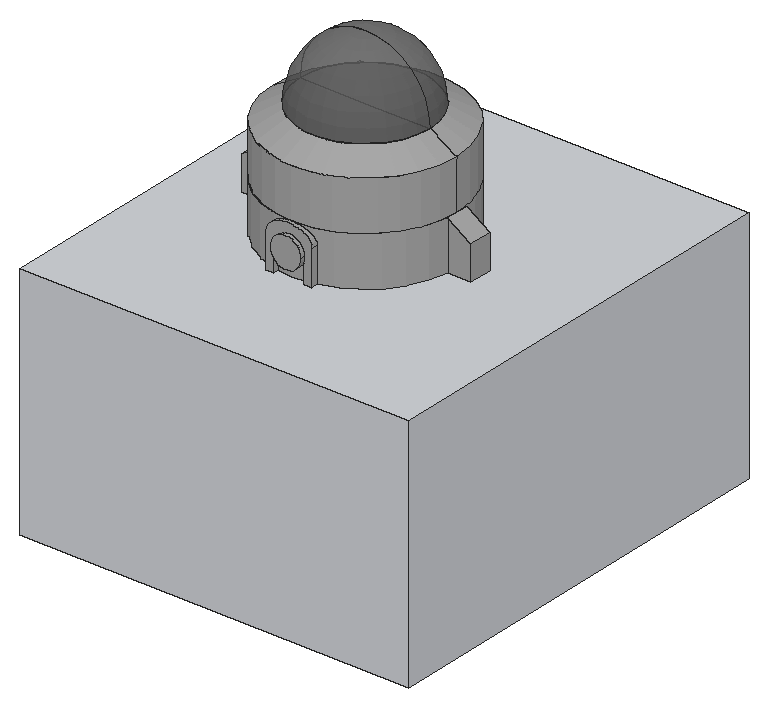
Revit family
Parameters (values of type "Standard")
  z Dome Radius = 2.125"
  z Dome Material Smoked = Glass - Panasonic - Smoked
  z Dome Height Offset [instance] = if(Has Ceiling Mount, 0.500", z Base Height + 1.625")  # 3.750"
  z Dome Clear Visible [instance] = no
  z Bracket Radius = z Dome Radius + 1.250"  # 3.375"
  z Base is Visible [instance] = not(Has Ceiling Mount)  # yes
  z Base Radius = 3.000"
  z Base Height = 2.125"
  Width = 7.53125"
  Wide Dynamic Range (Super Dynamic) = yes
  Weight = 3.52738 lbf
  Voltage DC = 12 V
  Voltage AC = 48 V
  Vandal Resistant = yes
  URL = "http://security.panasonic.com/pss/security/"
  Tilting Range = "+75 to -75"
  Storage Temperature = "14°F - 122°F"  # constant formula
  Regulatory Compliance = "UL 60950-1, FCC Part 15 Class A, C-UL CAN/CSA C22.2 No.60950-1, ICES 003 Class A"
  Provide Feedback = "https://www.surveymonkey.com/s/95FL6QY"
  Product Page URL = "http://panasonic.net/pss/security/products/hd/wv-sw558/index.html"
  Product Material = Paint - Panasonic - Silver
  Product Documentation Link = "http://cr.panasonic.com/assets/19000-19999/ucm_stg_cnt_053990.pdf"
  Power Active = 0 W
  Part Number = Model  # "WV-SW558"
  Part Description = Description  # "Security Camera, Dome, Vandal Resistant, Super Dynamic, Network, Full HD"
  Panning Range = "+180 to -160"
  Original Creation Date = "August 13, 2012"
  Operational Temperature = "14°F - 122°F"  # constant formula
  Operational Humidity = "90% or less (without condensation)"
  Mounting Positions = "Mount Dependent"
  Model Disclaimer = "Contact Panasonic for more information"  # constant formula
  Model = "WV-SW558"
  Minimum Illumination = 0.5 lx
  Manufacturer = "Panasonic"  # constant formula
  Indoor Or Outdoor = "Outdoor"
  IR Light = no
  IP Or Analog = "IP"
  Height = 5.750"
  Has POE = yes
  Has Ceiling Mount [instance] = no
  Family Version = "1.0.0"  # constant formula
  Equipment Number [instance] = ""
  Equipment Abbreviation = "SC"
  Dome Part Number = "WV-CW4S"  # constant formula
  Diameter = 6.46875"
  Description = "Security Camera, Dome, Vandal Resistant, Super Dynamic, Network, Full HD"
  Default Elevation = 0.000"
  Day Or Night = "Yes"
  Date Last Modified = "August 13, 2012"
  Copyright = "Copyright © Panasonic"  # constant formula
  Communication Ports = "10Base-T / 100Base-TX, RJ-45"
  Auto Back Focus = yes
  Audio Out = "Yes"
  Audio In = "Yes"
  Angle Of View = "86.6"
  Alarm Input Or Output Specification = "ALARM IN, ALARM OUT, AUX OUT"
  Accessory Part Number [instance] = if(Has Ceiling Mount, "WV-Q169", "Select One Option")  # "Select One Option"
Types (3): name | z Dome Height Offset | z Base is Visible | Voltage DC | Product Page URL | Part Number | Model | IR Light | Has Ceiling Mount | Alarm Input Or Output Specification | Accessory Part Number
  (no name) | 3.750" | yes | 12 V | "http://panasonic.net/pss/security/products/hd/wv-sw558/index.html" | "WV-SW558" | "WV-SW558" | no | no | "ALARM IN, ALARM OUT, AUX OUT" | "Select One Option"
  IR | 0.500" | no | 0 V | "http://panasonic.net/pss/security/products/hd/wv-sw559/index.html" | "WV-SW559" | "WV-SW559" | yes | yes | "ALARM IN 1/DAY/NIGHT IN, ALARM IN 2/ALARM OUT, ALARM IN 3/AUX OUT" | "WV-Q169"
  Standard | 3.750" | yes | 12 V | "http://panasonic.net/pss/security/products/hd/wv-sw558/index.html" | "WV-SW558" | "WV-SW558" | no | no | "ALARM IN, ALARM OUT, AUX OUT" | "Select One Option"
Reference planes (in)
  plane 1 "Center (Front/Back)": y = 0
  plane 2: z = 0
  plane 3 "Center (Left/Right)": x = 0
  plane 4: z = 1.625
  plane 5: x = -3
  plane 6: x = -2.125
  plane 7: z = 3.75
  plane 8: z = 3.25
  plane 9: z = 5.875
  plane 10: x = -3.75
  plane 11: x = 3.75
  plane 12: z = 1.125
  plane 13: x = 3
  plane 14: x = 2.125
  plane 15: x = -2.75
  plane 16: y = 0.375
  plane 17: y = -0.375
  plane 18: x = 2.75
  plane 19: x = -0.75
  plane 20: x = 0.75
  plane 21: z = 0.8125
  plane 22: y = -3.125
  plane 23: y = -2.75
  plane 24: y = -3.25
  plane 25: z = 0
Forms (in)
  Extrusion 1, solid
    sketch origin (0, 0, 0) x (1, 0, 0) y (0, 1, 0)
      loop
        line (-5.65138, 6.85016) -> (-5.65138, -7.02141) -> (7.02141, -7.02141) -> (7.02141, 6.85016) -> (-5.65138, 6.85016)
    from 0 to -7.78407
  Revolve 2, solid, material "Paint - Panasonic - Silver" <- "Product Material", visible <- "z Base is Visible"
    sketch origin (0, 0, 0) x (1, 0, 0) y (0, 0, 1)
      loop
        line (0, 1.625) -> (0, 3.75) -> (-2.125, 3.75) -> (-3, 3.25) -> (-3, 1.625) -> (0, 1.625)
      axis (0, 3.75) -> (0, 1.625)
    angle from 0 to 360
  Revolve 3, solid, material "Glass - Panasonic - Smoked" <- "z Dome Material Smoked"
    sketch origin (0, 0, 0) x (1, 0, 0) y (0, 0, 1)
      loop
        line (-2.125, 3.75) -> (0, 3.75) -> (0, 5.875)
        arc (0, 5.875) -> (-1.5026, 5.2526) -> (-2.125, 3.75) r 2.125
      axis (0, 5.875) -> (0, 3.75)
    angle from 0 to 360
  Extrusion 4, solid, material "Paint - Panasonic - Silver" <- "Product Material", visible <- "z Base is Visible"
    sketch origin (0, 0, 0) x (1, 0, 0) y (0, 1, 0)
      loop
        circle (0, 0) r 3
    from 0 to 1.625
  Extrusion 5, solid, material "Paint - Panasonic - Silver" <- "Product Material", visible <- "z Base is Visible"
    sketch origin (0, 0, 0) x (1, 0, 0) y (0, 0, 1)
      loop
        line (-3.75, 1.125) -> (-3.75, 0) -> (-2.75, 0) -> (-2.75, 1.625) -> (-3, 1.625) -> (-3.75, 1.125)
      loop
        line (3, 1.625) -> (2.75, 1.625) -> (2.75, 0) -> (3.75, 0) -> (3.75, 1.125) -> (3, 1.625)
    from -0.375 to 0.375
  Extrusion 6, solid, material "Paint - Panasonic - Silver" <- "Product Material", visible <- "z Base is Visible"
    sketch origin (0, 0, 0) x (1, 0, 0) y (0, 0, 1)
      loop
        line (-0.75, 0) -> (-0.5, 0) -> (-0.5, 0.8125)
        arc (-0.5, 0.8125) -> (0, 1.3125) -> (0.5, 0.8125) r 0.5
        line (0.5, 0.8125) -> (0.5, 0) -> (0.75, 0) -> (0.75, 1.125)
        spline (0.75, 1.125) -> (0.72444, 1.25441) -> (0.64952, 1.375) -> (0.53033, 1.47855) -> (0.375, 1.55801) -> (0.19411, 1.60796) -> (0, 1.625) -> (-0.19411, 1.60796) -> (-0.375, 1.55801) -> (-0.53033, 1.47855) -> (-0.64952, 1.375) -> (-0.72444, 1.25441) -> (-0.75, 1.125)
        line (-0.75, 1.125) -> (-0.75, 0)
    from 2.75 to 3.125
  Extrusion 7, solid, material "Paint - Panasonic - Silver" <- "Product Material", visible <- "z Base is Visible"
    sketch origin (0, 0, 0) x (1, 0, 0) y (0, 0, 1)
      loop
        circle (0, 0.8125) r 0.5
    from 2.75 to 3.25
Cuts and joins
  joined: Extrusion 4, Extrusion 5, Extrusion 6, Extrusion 7
Lines and regions (in)
  Masking region 1, visible <- "z Base is Visible"
    outline origin (0, 0, 0) x (1, 0, 0) y (0, 1, 0)
      loop
        circle (0, 0) r 3
  Masking region 2, visible <- "Has Ceiling Mount"
    outline origin (0, 0, 0) x (1, 0, 0) y (0, 1, 0)
      loop
        circle (0, 0) r 3.695
  symbolic lines, style "SecurityDevices", detail levels fine
    curve 1: circle (0, 0, 0) r 2.125 normal (0, 0, 1)
Dimensions and locks (in)
  "z Base Height": plane 7 to plane 4
  "z Base Radius": plane 3 "Center (Left/Right)" to plane 5
  locked: plane 7 to plane 8 at 0.5
  "z Dome Radius": plane 3 "Center (Left/Right)" to plane 6
  "z Dome Radius": plane 9 to plane 7
  "z Dome Height Offset": plane 7 to plane 2
  equal spacing: plane 5, plane 3 "Center (Left/Right)", plane 13
  equal spacing: plane 14, plane 3 "Center (Left/Right)", plane 6
  plane 1 "Center (Front/Back)" to plane 16 = 0.375"
  locked: plane 5 to plane 15 at 0.25
  locked: plane 18 to plane 13 at 0.25
  plane 22 to plane 23 = 0.375"
  locked: plane 24 to plane 22 at 0.125
  plane 4 to plane 12 to plane 21 to plane 25 = 0.500" locked, 0.3125" locked, 0.8125" locked
  "z Base Radius": radius of Masking region 1 sketch curve
  "z Base Radius": radius of Extrusion 4 sketch curve
  aligned and locked: plane 2 to Extrusion 1
  aligned and locked: level to Extrusion 1
  aligned and locked: plane 5 to Revolve 2 sketch curve
  aligned and locked: plane 8 to Revolve 2 sketch curve
  aligned and locked: plane 6 to Revolve 2 sketch curve
  aligned and locked: plane 4 to Revolve 2 sketch curve
  aligned and locked: Revolve 2 sketch curve to plane 3 "Center (Left/Right)"
  aligned and locked: plane 7 to Revolve 2 sketch curve
  aligned and locked: Revolve 2 sketch curve to plane 5
  aligned and locked: plane 3 "Center (Left/Right)" to Revolve 3 sketch curve
  aligned and locked: plane 7 to Revolve 3 sketch curve
  aligned and locked: plane 3 "Center (Left/Right)" to Extrusion 4 sketch curve
  aligned and locked: plane 1 "Center (Front/Back)" to Extrusion 4 sketch curve
  aligned and locked: plane 4 to Extrusion 4
  aligned and locked: plane 12 to Extrusion 5 sketch curve  (x2)
  aligned and locked: plane 13 to Extrusion 5 sketch curve
  aligned and locked: plane 4 to Extrusion 5 sketch curve  (x3)
  aligned and locked: plane 10 to Extrusion 5 sketch curve
  aligned and locked: Extrusion 5 sketch curve to plane 10
  aligned and locked: Extrusion 5 sketch curve to plane 11
  aligned and locked: plane 16 to Extrusion 5
  aligned and locked: plane 17 to Extrusion 5
  aligned and locked: plane 18 to Extrusion 5 sketch curve
  aligned and locked: Extrusion 5 sketch curve to plane 15
  aligned and locked: Extrusion 6 sketch curve to plane 19
  aligned and locked: Extrusion 6 sketch curve to plane 20
  aligned and locked: Extrusion 6 to plane 23
  aligned and locked: plane 22 to Extrusion 6
  aligned and locked: plane 21 to Extrusion 7 sketch curve
  aligned and locked: plane 3 "Center (Left/Right)" to Extrusion 7 sketch curve
  aligned and locked: Extrusion 7 to plane 23
  aligned and locked: Extrusion 7 to plane 24
  aligned and locked: plane 25 to Extrusion 5 sketch curve  (x2)
  aligned and locked: plane 25 to Extrusion 6 sketch curve
  aligned and locked: Extrusion 6 sketch curve to plane 25
  aligned and locked: cut or joined group of Extrusion 4, Extrusion 5, Extrusion 6, Extrusion 7 to plane 25
Automatic sketch dimensions
  Extrusion 1 sketch curve to Extrusion 1 sketch curve = 12.67279"
  Extrusion 1 sketch curve to Extrusion 1 sketch curve = 13.87157"
  Revolve 2 sketch curve to plane 3 "Center (Left/Right)" = 0.000"
  plane 8 to Revolve 2 sketch curve = 0.11875"
  Revolve 2 sketch curve to Revolve 2 sketch curve = 0.250"
  Revolve 3 sketch curve to plane 6 = 0.000"
  Revolve 3 sketch curve to plane 3 "Center (Left/Right)" = 0.000"
  Revolve 3 sketch curve to Revolve 3 sketch curve = 0.82961"
  Revolve 3 sketch curve to Revolve 3 sketch curve = 0.250"
  plane 1 "Center (Front/Back)" to Masking region 1 sketch curve = 0.000"
  Masking region 1 sketch curve to plane 3 "Center (Left/Right)" = 0.000"
  plane 5 to Extrusion 5 sketch curve = 0.000"
  Extrusion 6 sketch curve to plane 21 = 0.000"
  Extrusion 6 sketch curve to plane 3 "Center (Left/Right)" = 0.000"
  Extrusion 6 sketch curve to plane 12 = 0.000"
  Extrusion 6 sketch curve to plane 19 = 0.250"
  plane 1 "Center (Front/Back)" to curve 1 = 0.000"
  curve 1 to plane 3 "Center (Left/Right)" = 0.000"
  plane 1 "Center (Front/Back)" to Masking region 2 sketch curve = 0.000"
  Masking region 2 sketch curve to plane 3 "Center (Left/Right)" = 0.000"
  radius of Extrusion 7 sketch curve = 0.500"
  radius of curve 1 = 2.125"
  radius of Masking region 2 sketch curve = 3.695"
Nested families (in)
  nested 1: "Mount - Camera-Security-Panasonic-Fixed_Dome" at (0, 0, 0), Has Ceiling Mount <- "Has Ceiling Mount", Dome Radius <- "z Dome Radius", Product Material <- "Product Material", type "Mount"
    with z Bracket Radius 3.695", Product Material Paint - Panasonic - Silver, Has Ceiling Mount no, Equipment Number "", Dome Radius 2.125"
Connectors (in)
  electrical at (0, -1.5141, 0), driven by "Voltage AC", driven by "Power Active"
    settings: on cut or joined group of Extrusion 4, Extrusion 5, Extrusion 6, Extrusion 7, index 1, voltage 48 V, apparent load 0 W, apparent load phase1 0 W, apparent load phase2 0 W, apparent load phase3 0 W, power factor 1, load classification "Other", number of poles 1, system type 30, power factor state 1, is connector primary yes, connector utility no, sub classification motor no, connector description "Electrical Connector"
Definition of nested family "Mount - Camera-Security-Panasonic-Fixed_Dome"
  Parameters (values of type "Mount")
    z Bracket Radius [instance] = Dome Radius + 1.570"  # 3.820"
    URL = "http://panasonic.net"
    Provide Feedback = "https://www.surveymonkey.com/s/95FL6QY"
    Product Material [instance] = Paint - Panasonic - Silver
    Product Documentation Link = ""
    Part Number = Model  # "WV-Q175"
    Part Description = ""
    Original Creation Date = "*8/13/2012"
    Model Disclaimer = "*Contact Panasonic for more information"
    Model = "WV-Q175"
    Manufacturer = "*Panasonic"
    Keynote = ""
    Has Ceiling Mount [instance] = yes
    Family Version = "*1.0.0"
    Equipment Number [instance] = ""
    Equipment Abbreviation = ""
    Dome Radius [instance] = 2.250"
    Default Elevation = 0.000"
    Date Last Modified = "*8/13/2012"
    Copyright = "*Copyright © Panasonic"
    Assembly Code = ""
  Reference planes (in)
    plane 1 "Center (Front/Back)": y = 0
    plane 2: z = 0
    plane 3 "Center (Left/Right)": x = 0
    plane 4: z = 0.5
    plane 5: z = 0.125
    plane 6: x = -3.82
    plane 7: z = 0
    plane 8: x = -2.25
    plane 9: z = 0.32
    plane 10: z = 4.32
    plane 11: z = 3.146
    plane 12: z = 3.814
    plane 13: z = -3.63
    plane 14: z = -3.24904
    plane 15: z = -3.12404
    plane 16: z = 5.5
    plane 17: z = 7.75
    plane 18: y = -2.75
    plane 19: y = 2.75
    plane 20: z = 0.5
    plane 21: y = -1.56732
    plane 22: y = 1.33268
    plane 23: x = 3.05
    plane 24: x = 3.25
    plane 25: x = 3.1565
    plane 26: y = -3.25
    plane 27: y = -3
    plane 28: x = 2.9065
    plane 29: x = 3.7815
    plane 30: x = -3.7815
    plane 31: y = 0.375
    plane 32: y = -0.375
  Forms (in)
    Extrusion 1, solid
      sketch origin (0, 0, 0) x (1, 0, 0) y (0, 1, 0)
        loop
          line (-48, 48) -> (-48, -48) -> (48, -48) -> (48, 48) -> (-48, 48)
      from 0 to -12
    Revolve 2, solid, visible <- "Has Ceiling Mount"
      sketch origin (0, 0, 0) x (1, 0, 0) y (0, 0, 1)
        loop
          line (-3.82, 0.125) -> (-3.82, 0) -> (-2.25, 0) -> (-2.25, 0.5) -> (-3.82, 0.125)
        axis (0, 0) -> (0, 0.5)
      angle from 0 to 360
  Lines and regions (in)
    Masking region 1, visible <- "Has Ceiling Mount"
      outline origin (0, 0, 0) x (1, 0, 0) y (0, 1, 0)
        loop
          circle (0, 0) r 3.82
  Dimensions and locks (in)
    locked: plane 5 to plane 7 at 0.125
    locked: plane 4 to plane 7 at 0.5
    locked: plane 6 to plane 8 at 1.57
    "Dome Radius": plane 3 "Center (Left/Right)" to plane 8
    plane 16 to Extrusion 1 = 5.500"
    locked: plane 21 to plane 22 at 2.9
    "z Bracket Radius": radius of Masking region 1 sketch curve
    aligned and locked: plane 2 to Extrusion 1
    aligned and locked: level to Extrusion 1
  Automatic sketch dimensions
    Extrusion 1 sketch curve to Extrusion 1 sketch curve = 96.000"  (x2)
    Revolve 2 sketch curve to plane 5 = 0.000"
    plane 6 to Revolve 2 sketch curve = 0.000"
    Revolve 2 sketch curve to level = 0.000"
    Revolve 2 sketch curve to plane 8 = 0.000"
    Revolve 2 sketch curve to plane 3 "Center (Left/Right)" = 0.000"
    Revolve 2 sketch curve to plane 4 = 0.000"
    plane 4 to Revolve 2 sketch curve = 0.13987"
    Revolve 2 sketch curve to Revolve 2 sketch curve = 0.17601"
    plane 1 "Center (Front/Back)" to Masking region 1 sketch curve = 0.000"
    Masking region 1 sketch curve to plane 3 "Center (Left/Right)" = 0.000"
